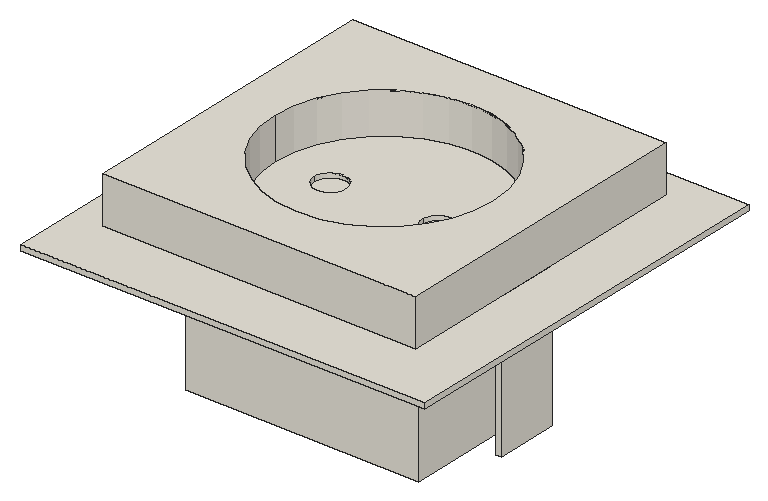
Revit family "Gira_2778600", category Electrical Fixtures, host Face, Revit 2017
Family settings
  Host = Face
  Maintain Annotation Orientation = Yes
  Round Connector Dimension = Use Diameter
  Part Type = Normal
  Cut with Voids When Loaded = No
  Shared = No
  Room Calculation Point = No
Parameters (values of type "Steckd. BS 13 A gesch. + SH System 55 Edelstahl(lack.)")
  Überspannungsschutz = "No"
  Werkstoffgüte = "sonstige"
  Werkstoff = "sonstige"
  Verdrehter Zentraleinsatz = "No"
  URL = "http://katalog.gira.de/de_DE/datenblatt.html?artikelnr=2778600"
  Transparent = "No"
  Textfeld/Beschriftungsfläche = "No"
  Sonderstromversorgung = "ohne Sonderstromversorgung"
  Schutzleiterkontakt rund = "No"
  Schutzkontakt = "No"
  Region = "DE"
  Oberfläche = "sonstige"
  Nennstrom = "13 Ampere"
  Nennspannung = "250 Volt"
  Name = "Steckd. BS 13 A gesch. + SH System 55 Edelstahl(lack.)"
  Montageart = "unter Putz"
  Model = "SYS55_Steckdose"
  Mit erhöhtem Berührungsschutz = "Yes"
  Mit eingebauter USB-Spannungsversorgung = "No"
  Mit Signallampe = "No"
  Mit Orientierungsbeleuchtung = "No"
  Mit Klappdeckel = "No"
  Mit Funktionsbeleuchtung = "No"
  Mit Feinsicherung = "No"
  Mit Ein-/Ausschalter = "Yes"
  Mit Durchschleiffunktion = "No"
  Manufacturer URL = "https://www.gira.de/"
  Isolierter Einbau = "No"
  HeinzeBIM = "https://bimportal.heinze.de/bim/steckd-bs-13-a-gesch-sh-system-55-edelstahl-lack-/1181eac01ea05aaf54b92f203b5c34e7edf3a58d"
  Halogenfrei = "No"
  HAN = "2778600"
  Geeignet für Schutzart (IP) = "IP20"
  GTIN = "4010337022091"
  Für "erschwerte Bedingungen" (nach VDE) = "No"
  Fehlerstromschutz = "No"
  Farbe = "edelstahl"
  Default Elevation = 1219.2 mm
  Data sheet (1) = "https://katalog.gira.de/de_DE/download.html?artikelnr=2778600"
  Cremeweiß glänzend = Cremeweiß glänzend
  Category = "Steckdose"
  Befestigungsart = "Befestigung mit Schraube"
  Available = "Yes"
  Auswurfmechanismus = "No"
  Ausführung = "British Standard"
  Aufdruck/Kennzeichnung = "ohne Aufdruck"
  Anzahl der Steckdosen schaltbar = "1 "
  Anzahl der Module (bei Modulbauweise) = "1 "
  Anzahl der Einheiten = "1 "
  Antibakterielle Behandlung = "No"
  Anschlussart = "Schraubklemme"
  Abschließbar = "No"
Reference planes
  plane 1 "Center (Front/Back)": y = 0
  plane 2 "Reference Level 0": z = 0
  plane 3 "Center (Left/Right)": x = 0
  plane 4: x = 9.5
  plane 5: x = -9.5
  plane 6: x = 9.5
  plane 7: x = -9.5
  plane 8: x = 9.5
  plane 9: x = -9.5
  plane 10: x = 17.5
  plane 11 "Reference Level 1": z = 8.2
Forms (mm)
  Extrusion 1, solid, material "Cremeweiß glänzend" <- "Cremeweiß glänzend", detail levels coarse
    sketch origin (0, 0, 0) x (1, 0, 0) y (0, 1, 0)
      loop
        line (-35.5, 35.5) -> (-35.5, -35.5) -> (35.5, -35.5) -> (35.5, 35.5) -> (-35.5, 35.5)
    from -27.5 to 8.2
  Extrusion 2, solid, material "Cremeweiß glänzend" <- "Cremeweiß glänzend", detail levels medium+fine
    sketch origin (0, 0, 0) x (1, 0, 0) y (0, 1, 0)
      loop
        line (-35.5, 35.5) -> (-35.5, -35.5) -> (35.5, -35.5) -> (35.5, 35.5) -> (-35.5, 35.5)
    from -2.2 to -3.2
  Extrusion 3, solid, material "Cremeweiß glänzend" <- "Cremeweiß glänzend", detail levels medium+fine
    sketch origin (0, 0, 0) x (1, 0, 0) y (0, 1, 0)
      loop
        line (-27.5, 27.5) -> (-27.5, -27.5) -> (27.5, -27.5) -> (27.5, 27.5) -> (-27.5, 27.5)
      loop
        circle (0, 0) r 19.2
    from 0 to 8.2
  Extrusion 4, solid, material "Cremeweiß glänzend" <- "Cremeweiß glänzend", detail levels fine
    sketch origin (0, 0, 0) x (1, 0, 0) y (0, 1, 0)
      loop
        circle (0, 0) r 19.2
      loop
        circle (9.5, 0) r 2.8
      loop
        circle (-9.5, 0) r 2.8
    from 0 to 1
  Extrusion 5, solid, material "Cremeweiß glänzend" <- "Cremeweiß glänzend", detail levels fine
    sketch origin (0, 0, 0) x (1, 0, 0) y (0, 1, 0)
      loop
        circle (-9.5, 0) r 2.8
      loop
        circle (9.5, 0) r 2.8
    from -2.2 to 0.3
  Extrusion 6, solid, material "Cremeweiß glänzend" <- "Cremeweiß glänzend", detail levels medium
    sketch origin (0, 0, 0) x (1, 0, 0) y (0, 1, 0)
      loop
        circle (0, 0) r 19.2
      loop
        circle (9.5, 0) r 2.8
      loop
        circle (-9.5, 0) r 2.8
    from 7.2 to 8.2
  Extrusion 7, solid, material "Cremeweiß glänzend" <- "Cremeweiß glänzend", detail levels medium
    sketch origin (0, 0, 0) x (1, 0, 0) y (0, 1, 0)
      loop
        circle (-9.5, 0) r 2.8
      loop
        circle (9.5, 0) r 2.8
    from 7.2 to 8.2
  Extrusion 8, solid, material "Cremeweiß glänzend" <- "Cremeweiß glänzend", detail levels medium+fine
    sketch origin (0, 0, 0) x (1, 0, 0) y (0, 1, 0)
      loop
        line (-20.5, 9) -> (-20.5, -18) -> (20.5, -18) -> (20.5, 9) -> (17.5, 9) -> (3, 21) -> (3, 24) -> (-3, 24) -> (-3, 21) -> (-17.5, 9) -> (-20.5, 9)
    from 0 to -27.5
  Extrusion 9, solid, material "Cremeweiß glänzend" <- "Cremeweiß glänzend", detail levels medium+fine
    sketch origin (0, 0, 0) x (1, 0, 0) y (0, 1, 0)
      loop
        line (-25, 5.5) -> (-25, -5.5) -> (-24, -5.5) -> (-24, 5.5) -> (-25, 5.5)
    from 0 to -27.5
  Extrusion 10, solid, material "Cremeweiß glänzend" <- "Cremeweiß glänzend", detail levels medium+fine
    sketch origin (0, 0, 0) x (-1, 0, 0) y (0, -1, 0)
      loop
        line (-25, 5.5) -> (-25, -5.5) -> (-24, -5.5) -> (-24, 5.5) -> (-25, 5.5)
    from 0 to -27.5
Dimensions and locks
  aligned and locked: plane 2 "Reference Level 0" to host face
  aligned and locked: level to host face
  aligned and locked: plane 3 "Center (Left/Right)" to nested 1
  aligned and locked: plane 1 "Center (Front/Back)" to nested 1
Nested families
  nested 1: "Steckdose 1-fach Beschriftung" at (0, 0, 0), type "Steckdose 1-fach Beschriftung"
Connectors
  electrical at (0, 9, -27.5)
    settings: on Extrusion 8, index 1, voltage 220 V, apparent load 0 VA, apparent load phase1 0 VA, apparent load phase2 0 VA, apparent load phase3 0 VA, power factor 1, load classification "Other", number of poles 1, system type 31, power factor state 1, is connector primary yes, connector utility no, sub classification motor no, connector description ""
Definition of nested family "Steckdose 1-fach Beschriftung"
  Reference planes
    plane 1: y = 0
    plane 2: x = 0
  Lines and regions (mm)
    detail lines
      curve 1: line (0, 0, 0) -> (0, 2, 0)
      curve 3: line (0, 2, 0) -> (-1, 2, 0)
      curve 4: arc (1, 3, 0) -> (0, 2, 0) -> (-1, 3, 0) r 1
      curve 5: line (0, 2, 0) -> (1, 2, 0)
    reference lines
      curve 2: line (-0.485, 3, 0) -> (2.315, 3, 0)
  Dimensions and locks
    curve 1 to curve 1 = 2 mm
    plane 1 to curve 2 = 3 mm
    curve 3 to curve 3 = 1 mm
